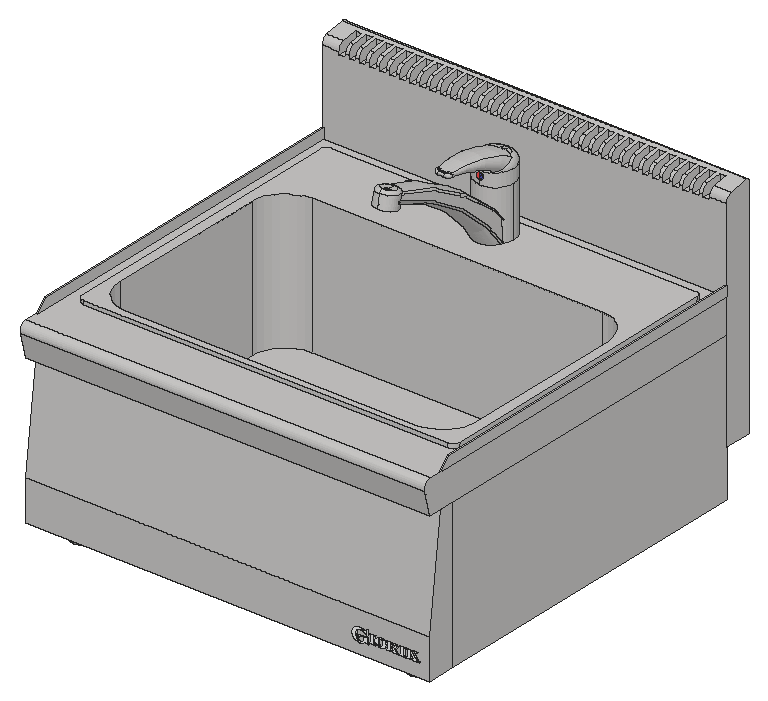
Revit family "QF_GIORIK_LEL6700", category Specialty Equipment, Revit 2014
Parameters (values of type "LEL6700")
  Weight in Pounds = 46.297
  Waste Water Discharge Temperature [instance] = 0 °C
  URL Cutsheet = "www.giorik.com"
  URL = "www.giorik.com"
  Status [instance] = ""
  Specification by User [instance] = ""
  Specification by Manufacturer = ""
  Show Logo [instance] = yes
  Show Clearance [instance] = yes
  Serial Number = ""
  Seismic Rating = ""
  SMACNA No = ""
  Revision Code [instance] = ""
  Plumbing Remarks [instance] = ""
  Plumbing Connection Type [instance] = ""
  NAFEM Spec ID Number = ""
  Model = "LEL6700"
  Masterspec = ""
  Manufacturer = "GIORIK"
  Item Number [instance] = ""
  Installed By [instance] = ""
  Indirect Waste Size = 1"
  Indirect Waste Flow = 0.0 L/s
  Indirect Waste Connection Type [instance] = ""
  Indirect Waste Connection Height [instance] = 20 mm
  Identify Quantity as Lot [instance] = no
  Furnished By [instance] = ""
  Foodservice Equipment Identifier [instance] = yes
  Description = "WASH BASIN"
  Cold Water Temperature Recommended = 0 °C
  Cold Water Size = 1/2"
  Cold Water RI Height [instance] = 45 mm
  Cold Water Minimum Pressure = 20000.0 Pa
  Cold Water Maximum Pressure = 50000.0 Pa
  Cold Water Flow [instance] = 0.0 L/s
  Cold Water Consumption [instance] = ""
  Cold Water Connection Height [instance] = 45 mm
  CSI MasterFormat = ""
  Assembly Code = "E1090320"
Reference planes
  plane 1 "Back": y = 0
  plane 2: z = 0
  plane 3 "Left": x = 0
  plane 4 "Right": x = 600
  plane 5 "Front": y = -600
  plane 6 "Top": z = 430
Forms (mm)
  Extrusion 1, solid
    sketch origin (0, 1000, -578.42) x (0, 1, 0) y (0, 0, 1)
      loop
        line (-1040.007, 869.975) -> (-1589.445, 869.975)
        arc (-1589.445, 869.975) -> (-1598.171, 865.672) -> (-1600.069, 856.13) r 10.999
        line (-1600.069, 856.13) -> (-1590.388, 820) -> (-1040.007, 820) -> (-1040.007, 869.975)
    from 0 to 600
  Extrusion 2, solid
    sketch origin (0, 0, -558.42) x (0, 1, 0) y (0, 0, 1)
      loop
        line (-570.06, 849.975) -> (-40.007, 849.975) -> (-40.007, 864.975) -> (-555.06, 864.975) -> (-570.06, 849.975)
    from 0 to 1.85
  Extrusion 3, solid
    sketch origin (0, 0, -558.42) x (0, 1, 0) y (0, 0, 1)
      loop
        line (-40.007, 800) -> (-550, 800) -> (-550, 580) -> (-40.007, 580) -> (-40.007, 800)
    from 0 to 600
  Extrusion 4, solid
    sketch origin (0, 0, -558.42) x (0, 1, 0) y (0, 0, 1)
      loop
        line (-550, 800) -> (-570.5, 800) -> (-590, 640) -> (-590, 580) -> (-550, 580) -> (-550, 800)
    from 0 to 600
  Extrusion 5, solid
    sketch origin (598.094, 0, -558.42) x (0, 1, 0) y (0, 0, 1)
      loop
        line (-570.06, 849.975) -> (-40.007, 849.975) -> (-40.007, 864.975) -> (-555.06, 864.975) -> (-570.06, 849.975)
    from -0.15 to 1.906
  Extrusion 6, solid
    sketch origin (0, 0, -558.42) x (0, 1, 0) y (0, 0, 1)
      loop
        line (-40.007, 974.217) -> (-40.007, 650.827) -> (0, 650.827) -> (0, 988.42)
        arc (0, 988.42) -> (-0.57, 989.648) -> (-1.878, 990) r 1.6
        line (-1.878, 990) -> (-31.072, 984.852)
        arc (-31.072, 984.852) -> (-37.477, 981.162) -> (-40.007, 974.217) r 10.797
    from 0 to 600
  Extrusion 7, solid
    sketch origin (103.319, 0, -561.02) x (1, 0, 0) y (0, 0, 1)
      loop
        circle (-38.319, 606) r 12.5
    from 20.007 to 40.007
  Extrusion 8, solid, visible <- "Show Logo"
    sketch origin (391.604, -590.5, -4.533) x (-1, 0, 0) y (0, 0, 1)
      loop
        line (-118.824, 58.358) -> (-127.804, 58.358) -> (-125.523, 56.445) -> (-125.523, 48.027) -> (-127.804, 46.113) -> (-118.824, 46.113) -> (-121.105, 48.027) -> (-121.105, 56.445) -> (-118.824, 58.358)
      loop
        line (-163.721, 58.358) -> (-172.7, 58.358) -> (-170.42, 56.445) -> (-170.42, 48.027) -> (-172.7, 46.113) -> (-163.721, 46.113) -> (-166.001, 48.027) -> (-166.001, 56.445) -> (-163.721, 58.358)
      loop
        line (-174.332, 58.358) -> (-183.312, 58.358) -> (-181.031, 56.445) -> (-181.031, 52.435) -> (-186.419, 56.955) -> (-184.416, 58.358) -> (-191.268, 58.358) -> (-188.01, 56.839) -> (-185.455, 54.283) -> (-190.846, 47.858) -> (-193.396, 46.93) -> (-193.396, 46.113) -> (-184.416, 46.113) -> (-185.437, 47.571) -> (-182.443, 51.552) -> (-181.031, 50.894) -> (-181.031, 48.027) -> (-183.312, 46.113) -> (-174.332, 46.113) -> (-176.613, 48.027) -> (-176.613, 56.445) -> (-174.332, 58.358)
      loop
        line (-115.429, 62.063) -> (-115.429, 54.198)
        arc (-115.429, 54.198) -> (-111.618, 57.803) -> (-106.847, 59.986) r 16.039
        arc (-106.847, 59.986) -> (-103.314, 59.837) -> (-100.512, 57.68) r 5.851
        arc (-100.512, 57.68) -> (-98.815, 52.267) -> (-100.512, 46.853) r 9.479
        arc (-100.512, 46.853) -> (-102.406, 44.986) -> (-104.846, 43.93) r 7.236
        arc (-104.846, 43.93) -> (-107.728, 44.111) -> (-110.052, 45.825) r 5.11
        line (-110.052, 45.825) -> (-110.052, 52.001) -> (-116.141, 52.001) -> (-116.141, 45.503) -> (-117.893, 43.751) -> (-114.094, 44.769)
        arc (-114.094, 44.769) -> (-112.56, 44.947) -> (-111.129, 44.366) r 3.115
        arc (-111.129, 44.366) -> (-104.216, 42.091) -> (-97.303, 44.366) r 11.641
        arc (-97.303, 44.366) -> (-93.396, 52.107) -> (-97.303, 59.849) r 9.622
        arc (-97.303, 59.849) -> (-104.369, 62.174) -> (-111.435, 59.849) r 11.898
        line (-111.435, 59.849) -> (-115.429, 62.063)
      loop
        arc (-129.234, 56.068) -> (-135.893, 58.628) -> (-142.552, 56.068) r 9.941
        arc (-142.552, 56.068) -> (-144.234, 52.286) -> (-142.552, 48.505) r 5.093
        arc (-142.552, 48.505) -> (-135.893, 45.945) -> (-129.234, 48.505) r 9.941
        arc (-129.234, 48.505) -> (-127.552, 52.286) -> (-129.234, 56.068) r 5.093
      loop
        arc (-132.628, 54.403) -> (-135.893, 57.668) -> (-139.158, 54.403) r 3.265
        line (-139.158, 54.403) -> (-139.158, 50.169)
        arc (-139.158, 50.169) -> (-135.893, 46.904) -> (-132.628, 50.169) r 3.265
        line (-132.628, 50.169) -> (-132.628, 54.403)
      loop
        arc (-156.363, 58.365) -> (-159.647, 55.081) -> (-156.363, 51.796) r 3.285
        line (-156.363, 51.796) -> (-159.529, 47.306) -> (-162.087, 46.113) -> (-155.847, 46.113) -> (-153.529, 51.083) -> (-150.637, 51.083) -> (-150.637, 47.784) -> (-153.022, 46.113) -> (-144.011, 46.113) -> (-146.094, 47.68) -> (-146.094, 56.493) -> (-144.229, 58.365) -> (-156.363, 58.365)
      loop
        line (-150.637, 57.512) -> (-153.637, 57.512)
        arc (-153.637, 57.512) -> (-156.237, 54.912) -> (-153.637, 52.312) r 2.6
        line (-153.637, 52.312) -> (-150.637, 52.312) -> (-150.637, 57.512)
      loop
        line (-108.924, 52.001) -> (-104.936, 49.005) -> (-100.948, 52.001) -> (-108.924, 52.001)
    from 1.5 to -0.5
  Extrusion 9, void
    sketch origin (10, 0, 431.58) x (0, 1, 0) y (-1, 0, 0)
      loop
        line (-40.007, -25) -> (-9.931, -25) -> (-9.931, -15) -> (-40.007, -15) -> (-40.007, -25)
      loop
        line (-40.007, -40) -> (-9.931, -40) -> (-9.931, -30) -> (-40.007, -30) -> (-40.007, -40)
      loop
        line (-40.007, -55) -> (-9.931, -55) -> (-9.931, -45) -> (-40.007, -45) -> (-40.007, -55)
      loop
        line (-40.007, -70) -> (-9.931, -70) -> (-9.931, -60) -> (-40.007, -60) -> (-40.007, -70)
      loop
        line (-40.007, -85) -> (-9.931, -85) -> (-9.931, -75) -> (-40.007, -75) -> (-40.007, -85)
      loop
        line (-40.007, -100) -> (-9.931, -100) -> (-9.931, -90) -> (-40.007, -90) -> (-40.007, -100)
      loop
        line (-40.007, -115) -> (-9.931, -115) -> (-9.931, -105) -> (-40.007, -105) -> (-40.007, -115)
      loop
        line (-40.007, -130) -> (-9.931, -130) -> (-9.931, -120) -> (-40.007, -120) -> (-40.007, -130)
      loop
        line (-40.007, -145) -> (-9.931, -145) -> (-9.931, -135) -> (-40.007, -135) -> (-40.007, -145)
      loop
        line (-40.007, -160) -> (-9.931, -160) -> (-9.931, -150) -> (-40.007, -150) -> (-40.007, -160)
      loop
        line (-40.007, -175) -> (-9.931, -175) -> (-9.931, -165) -> (-40.007, -165) -> (-40.007, -175)
      loop
        line (-40.007, -190) -> (-9.931, -190) -> (-9.931, -180) -> (-40.007, -180) -> (-40.007, -190)
      loop
        line (-40.007, -205) -> (-9.931, -205) -> (-9.931, -195) -> (-40.007, -195) -> (-40.007, -205)
      loop
        line (-40.007, -220) -> (-9.931, -220) -> (-9.931, -210) -> (-40.007, -210) -> (-40.007, -220)
      loop
        line (-40.007, -235) -> (-9.931, -235) -> (-9.931, -225) -> (-40.007, -225) -> (-40.007, -235)
      loop
        line (-40.007, -250) -> (-9.931, -250) -> (-9.931, -240) -> (-40.007, -240) -> (-40.007, -250)
      loop
        line (-40.007, -265) -> (-9.931, -265) -> (-9.931, -255) -> (-40.007, -255) -> (-40.007, -265)
      loop
        line (-40.007, -280) -> (-9.931, -280) -> (-9.931, -270) -> (-40.007, -270) -> (-40.007, -280)
      loop
        line (-40.007, -295) -> (-9.931, -295) -> (-9.931, -285) -> (-40.007, -285) -> (-40.007, -295)
      loop
        line (-40.007, -310) -> (-9.931, -310) -> (-9.931, -300) -> (-40.007, -300) -> (-40.007, -310)
      loop
        line (-40.007, -325) -> (-9.931, -325) -> (-9.931, -315) -> (-40.007, -315) -> (-40.007, -325)
      loop
        line (-40.007, -340) -> (-9.931, -340) -> (-9.931, -330) -> (-40.007, -330) -> (-40.007, -340)
      loop
        line (-40.007, -355) -> (-9.931, -355) -> (-9.931, -345) -> (-40.007, -345) -> (-40.007, -355)
      loop
        line (-40.007, -370) -> (-9.931, -370) -> (-9.931, -360) -> (-40.007, -360) -> (-40.007, -370)
      loop
        line (-40.007, -385) -> (-9.931, -385) -> (-9.931, -375) -> (-40.007, -375) -> (-40.007, -385)
      loop
        line (-40.007, -400) -> (-9.931, -400) -> (-9.931, -390) -> (-40.007, -390) -> (-40.007, -400)
      loop
        line (-40.007, -415) -> (-9.931, -415) -> (-9.931, -405) -> (-40.007, -405) -> (-40.007, -415)
      loop
        line (-40.007, -430) -> (-9.931, -430) -> (-9.931, -420) -> (-40.007, -420) -> (-40.007, -430)
      loop
        line (-40.007, -445) -> (-9.931, -445) -> (-9.931, -435) -> (-40.007, -435) -> (-40.007, -445)
      loop
        line (-40.007, -460) -> (-9.931, -460) -> (-9.931, -450) -> (-40.007, -450) -> (-40.007, -460)
      loop
        line (-40.007, -475) -> (-9.931, -475) -> (-9.931, -465) -> (-40.007, -465) -> (-40.007, -475)
      loop
        line (-40.007, -490) -> (-9.931, -490) -> (-9.931, -480) -> (-40.007, -480) -> (-40.007, -490)
      loop
        line (-40.007, -505) -> (-9.931, -505) -> (-9.931, -495) -> (-40.007, -495) -> (-40.007, -505)
      loop
        line (-40.007, -520) -> (-9.931, -520) -> (-9.931, -510) -> (-40.007, -510) -> (-40.007, -520)
      loop
        line (-40.007, -535) -> (-9.931, -535) -> (-9.931, -525) -> (-40.007, -525) -> (-40.007, -535)
      loop
        line (-40.007, -550) -> (-9.931, -550) -> (-9.931, -540) -> (-40.007, -540) -> (-40.007, -550)
      loop
        line (-40.007, -565) -> (-9.931, -565) -> (-9.931, -555) -> (-40.007, -555) -> (-40.007, -565)
    from 0 to -20
  Extrusion 10, solid
    sketch origin (566.603, 14.286, -28.42) x (0, 1, 0) y (-1, 0, 0)
      loop
        circle (-79.293, 516.603) r 5
    from 40.385 to 50
  Revolve 11, solid
    sketch origin (50, 18.936, -600) x (0, 1, 0) y (0, 0, 1)
      loop
        line (-83.943, 611.965) -> (-94.752, 611.965) -> (-97.943, 600) -> (-83.943, 600) -> (-83.943, 611.965)
      axis (-83.943, 611.965) -> (-83.943, 600)
    angle from 0 to 360
  Extrusion 12, solid
    sketch origin (33.397, 14.286, -28.42) x (0, 1, 0) y (-1, 0, 0)
      loop
        circle (-79.293, -516.603) r 5
    from 40.385 to 50
  Revolve 13, solid
    sketch origin (550, 18.936, -600) x (0, 1, 0) y (0, 0, -1)
      loop
        line (-83.943, -611.965) -> (-83.943, -600) -> (-97.943, -600) -> (-94.752, -611.965) -> (-83.943, -611.965)
      axis (-83.943, -611.965) -> (-83.943, -600)
    angle from 0 to 360
  Extrusion 14, solid
    sketch origin (566.603, -469.707, -30) x (0, 1, 0) y (-1, 0, 0)
      loop
        circle (-79.293, 516.603) r 5
    from 41.965 to 51.58
  Revolve 15, solid
    sketch origin (50, -465.057, -600) x (0, 1, 0) y (0, 0, 1)
      loop
        line (-83.943, 611.965) -> (-94.752, 611.965) -> (-97.943, 600) -> (-83.943, 600) -> (-83.943, 611.965)
      axis (-83.943, 611.965) -> (-83.943, 600)
    angle from 0 to 360
  Extrusion 16, solid
    sketch origin (33.397, -469.707, -30) x (0, 1, 0) y (-1, 0, 0)
      loop
        circle (-79.293, -516.603) r 5
    from 41.965 to 51.58
  Revolve 17, solid
    sketch origin (550, -465.057, -600) x (0, 1, 0) y (0, 0, -1)
      loop
        line (-83.943, -611.965) -> (-83.943, -600) -> (-97.943, -600) -> (-94.752, -611.965) -> (-83.943, -611.965)
      axis (-83.943, -611.965) -> (-83.943, -600)
    angle from 0 to 360
  Extrusion 18, solid
    sketch origin (0, 5, 242) x (0, 1, 0) y (-1, 0, 0)
      loop
        arc (-65, -30) -> (-67.929, -22.929) -> (-75, -20) r 10
        line (-75, -20) -> (-515, -20)
        arc (-515, -20) -> (-522.071, -22.929) -> (-525, -30) r 10
        line (-525, -30) -> (-525, -570)
        arc (-525, -570) -> (-522.071, -577.071) -> (-515, -580) r 10
        line (-515, -580) -> (-75, -580)
        arc (-75, -580) -> (-67.929, -577.071) -> (-65, -570) r 10
        line (-65, -570) -> (-65, -30)
      loop
        arc (-220.642, -565) -> (-185.287, -550.355) -> (-170.642, -515) r 50
        line (-170.642, -515) -> (-170.642, -85)
        arc (-170.642, -85) -> (-185.287, -49.645) -> (-220.642, -35) r 50
        line (-220.642, -35) -> (-465, -35)
        arc (-465, -35) -> (-500.355, -49.645) -> (-515, -85) r 50
        line (-515, -85) -> (-515, -515)
        arc (-515, -515) -> (-500.355, -550.355) -> (-465, -565) r 50
        line (-465, -565) -> (-220.642, -565)
    from -150 to 55
  Extrusion 19, void
    sketch origin (0, 0, 430) x (0, 1, 0) y (-1, 0, 0)
      loop
        arc (-160, -80) -> (-174.645, -44.645) -> (-210, -30) r 50
        line (-210, -30) -> (-463.962, -30)
        arc (-463.962, -30) -> (-499.317, -44.645) -> (-513.962, -80) r 50
        line (-513.962, -80) -> (-513.962, -520)
        arc (-513.962, -520) -> (-499.317, -555.355) -> (-463.962, -570) r 50
        line (-463.962, -570) -> (-210, -570)
        arc (-210, -570) -> (-174.645, -555.355) -> (-160, -520) r 50
        line (-160, -520) -> (-160, -80)
    from -97.843 to -338
  Revolve 20, solid
    sketch origin (300, -66.264, 290.52) x (0, 1, 0) y (0, 0, 1)
      loop
        arc (-0.775, 100.356) -> (-3.223, 107.62) -> (-9.568, 111.92) r 12
        arc (-9.568, 111.92) -> (-19.06, 114.249) -> (-28.775, 115.307) r 74.007
        line (-28.775, 115.307) -> (-28.775, 81) -> (-0.775, 81) -> (-0.775, 100.356)
      axis (-28.775, 81) -> (-28.775, 115.307)
    angle from 0 to 360
  Revolve 21, solid
    sketch origin (300, -66.964, 301.556) x (0, 1, 0) y (0, 0, 1)
      loop
        line (-56.867, 81.924) -> (-55.237, 81.924) -> (-55.237, 86.465) -> (-56.237, 86.465)
        arc (-56.237, 86.465) -> (-56.683, 84.212) -> (-56.867, 81.924) r 20
      axis (-55.237, 81.924) -> (-56.867, 81.924)
    angle from 0 to 180
  Revolve 22, solid
    sketch origin (300, -66.964, 301.556) x (0, 1, 0) y (0, 0, -1)
      loop
        arc (-56.867, -81.924) -> (-56.683, -84.212) -> (-56.237, -86.465) r 20
        line (-56.237, -86.465) -> (-55.237, -86.465) -> (-55.237, -81.924) -> (-56.867, -81.924)
      axis (-55.237, -81.924) -> (-56.867, -81.924)
    angle from 0 to 180
  SweptBlend 23, solid
    path origin (300, 276.234, -152.982) x (0, 0.34202, 0.939693) y (0, 0.939693, -0.34202)
      loop
        arc (262.005, -509.876) -> (286.001, -611.264) -> (273.872, -714.745) r 300
    profile origin (300, -113.282, 267.611) x (0, 0.686011, 0.727591) y (-1, 0, 0)
      loop
        arc (18.189, 23.734) -> (4.053, 0.002) -> (18.177, -23.737) r 27
        arc (18.177, -23.737) -> (18.869, -24.008) -> (19.607, -24.1) r 3
        line (19.607, -24.1) -> (41.199, -24.1)
        arc (41.199, -24.1) -> (43.098, -23.423) -> (44.139, -21.697) r 3
        arc (44.139, -21.697) -> (46.321, 0) -> (44.139, 21.697) r 109
        arc (44.139, 21.697) -> (43.098, 23.423) -> (41.199, 24.1) r 3
        line (41.199, 24.1) -> (19.634, 24.1)
        arc (19.634, 24.1) -> (18.889, 24.007) -> (18.189, 23.734) r 3.033
    end profile origin (300, -301.737, 348.831) x (0, 0.057828, 0.998327) y (-1, 0, 0)
      loop
        line (90.369, 14.288) -> (81.962, 15.536)
        arc (81.962, 15.536) -> (79.562, 14.84) -> (78.521, 12.569) r 3
        arc (78.521, 12.569) -> (76.714, 0.005) -> (78.521, -12.559) r 44.57
        arc (78.521, -12.559) -> (79.561, -14.83) -> (81.959, -15.527) r 3
        line (81.959, -15.527) -> (90.366, -14.287)
        arc (90.366, -14.287) -> (91.945, -13.541) -> (92.84, -12.042) r 3
        arc (92.84, -12.042) -> (94.312, 0.001) -> (92.84, 12.044) r 50
        arc (92.84, 12.044) -> (91.945, 13.542) -> (90.369, 14.288) r 3
  Revolve 24, solid
    sketch origin (300, -66.05, 291.556) x (0, 1, 0) y (0, 0, 1)
      loop
        arc (-226.022, 150.06) -> (-231.288, 151.474) -> (-236.573, 152.815) r 397.143
        arc (-236.573, 152.815) -> (-239.983, 152.444) -> (-242.352, 149.962) r 5
        line (-242.352, 149.962) -> (-246.868, 131.271) -> (-231.308, 127.101) -> (-226.022, 150.06)
      axis (-225.951, 150.37) -> (-231.308, 127.101)
    angle from 0 to 360
  SweptBlend 25, solid
    path origin (300.001, 399.901, 202.551) x (0, 0.990268, -0.139173) y (0, 0.139173, 0.990268)
      loop
        arc (-504.379, 132.129) -> (-559.05, 139.793) -> (-613.721, 132.129) r 198.829
    profile origin (300.001, -81.181, 403.59) x (0, -0.406096, -0.91383) y (1, 0, 0)
      loop
        arc (5.051, -21) -> (16.621, -25.211) -> (28.191, -21) r 18
        arc (28.191, -21) -> (26.585, 0) -> (28.191, 21) r 138.157
        arc (28.191, 21) -> (16.621, 26.76) -> (5.051, 21) r 14.5
        spline (5.051, 21) -> (3.528, 17.704) -> (2.269, 14.297) -> (1.281, 10.802) -> (0.571, 7.239) -> (0.143, 3.631) -> (0, 0) -> (0.143, -3.631) -> (0.571, -7.239) -> (1.281, -10.802) -> (2.269, -14.297) -> (3.528, -17.704) -> (5.051, -21)
    end profile origin (300.001, -189.458, 418.807) x (0, 0.138479, -0.990365) y (1, 0, 0)
      loop
        line (4.982, -10) -> (4.982, 10)
        arc (4.982, 10) -> (2.491, 11.945) -> (0, 10) r 2.568
        line (0, 10) -> (0, -10)
        arc (0, -10) -> (2.491, -11.945) -> (4.982, -10) r 2.568
  Sweep 26, solid
    path origin (361.147, -90.103, 421.389) x (1, 0, 0) y (0, 0.998693, 0.051111)
      loop
        arc (-70.611, -98.059) -> (-68.909, -101.045) -> (-65.681, -102.227) r 5
        line (-65.681, -102.227) -> (-56.611, -102.227)
        arc (-56.611, -102.227) -> (-53.383, -101.045) -> (-51.681, -98.059) r 5
    profile origin (300.001, -192.196, 416.164) x (0, 0.998693, 0.051111) y (0, -0.051111, 0.998693)
      loop
        line (0, -2.5) -> (0, 2.5)
        arc (0, 2.5) -> (-2.5, 0) -> (0, -2.5) r 2.5
  Extrusion 27, solid
    sketch origin (615.231, 227.513, 342.698) x (1, 0, 0) y (0, 0.998693, 0.051111)
      loop
        arc (-324.695, -411.238) -> (-322.992, -414.224) -> (-319.764, -415.406) r 5
        line (-319.764, -415.406) -> (-310.695, -415.406)
        arc (-310.695, -415.406) -> (-307.467, -414.224) -> (-305.764, -411.238) r 5
        line (-305.764, -411.238) -> (-324.695, -411.238)
    from 92.321 to 97.321
  Extrusion 28, solid
    sketch origin (0, 73.817, 430) x (0, 1, 0) y (-1, 0, 0)
      loop
        circle (-168.856, -300) r 28
    from -138.444 to -58.48
  Extrusion 29, solid
    sketch origin (0, 0, 429) x (0, 1, 0) y (-1, 0, 0)
      loop
        circle (-251.89, -300) r 20
    from -336 to -338
  Extrusion 30, solid
    sketch origin (0, 0, 430) x (0, 1, 0) y (-1, 0, 0)
      loop
        circle (-60, -300) r 12.5
    from -423.694 to -408.42
Cuts and joins
  Extrusion 9 cuts Extrusion 6
  Extrusion 19 cuts Extrusion 1
  Extrusion 19 cuts Extrusion 3
Lines and regions (mm)
  symbolic lines, style "200-EquipInternal-2D"
    curve 1: line (25, -9.931, 290) -> (25, -40.007, 290)
    curve 2: line (35, -40.007, 290) -> (35, -9.931, 290)
    curve 3: line (40, -9.931, 290) -> (40, -40.007, 290)
    curve 4: line (50, -40.007, 290) -> (50, -9.931, 290)
    curve 5: line (55, -9.931, 290) -> (55, -40.007, 290)
    curve 6: line (65, -40.007, 290) -> (65, -9.931, 290)
    curve 7: line (85, -9.931, 290) -> (85, -40.007, 290)
    curve 8: line (95, -40.007, 290) -> (95, -9.931, 290)
    curve 9: line (100, -9.931, 290) -> (100, -40.007, 290)
    curve 10: line (110, -40.007, 290) -> (110, -9.931, 290)
    curve 11: line (140, -40.007, 290) -> (140, -9.931, 290)
    curve 12: line (130, -9.931, 290) -> (130, -40.007, 290)
    curve 13: line (155, -40.007, 290) -> (155, -9.931, 290)
    curve 14: line (160, -9.931, 290) -> (160, -40.007, 290)
    curve 15: line (170, -40.007, 290) -> (170, -9.931, 290)
    curve 16: line (145, -9.931, 290) -> (145, -40.007, 290)
    curve 17: line (200, -40.007, 290) -> (200, -9.931, 290)
    curve 18: line (190, -9.931, 290) -> (190, -40.007, 290)
    curve 19: line (205, -9.931, 290) -> (205, -40.007, 290)
    curve 20: line (215, -40.007, 290) -> (215, -9.931, 290)
    curve 21: line (220, -9.931, 290) -> (220, -40.007, 290)
    curve 22: line (230, -40.007, 290) -> (230, -9.931, 290)
    curve 23: line (250, -9.931, 290) -> (250, -40.007, 290)
    curve 24: line (260, -40.007, 290) -> (260, -9.931, 290)
    curve 25: line (265, -9.931, 290) -> (265, -40.007, 290)
    curve 26: line (275, -40.007, 290) -> (275, -9.931, 290)
    curve 27: line (280, -9.931, 290) -> (280, -40.007, 290)
    curve 28: line (290, -40.007, 290) -> (290, -9.931, 290)
    curve 29: line (320, -40.007, 290) -> (320, -9.931, 290)
    curve 30: line (310, -9.931, 290) -> (310, -40.007, 290)
    curve 31: line (335, -40.007, 290) -> (335, -9.931, 290)
    curve 32: line (325, -9.931, 290) -> (325, -40.007, 290)
    curve 33: line (340, -9.931, 290) -> (340, -40.007, 290)
    curve 34: line (350, -40.007, 290) -> (350, -9.931, 290)
    curve 35: line (370, -9.931, 290) -> (370, -40.007, 290)
    curve 36: line (380, -40.007, 290) -> (380, -9.931, 290)
    curve 37: line (385, -9.931, 290) -> (385, -40.007, 290)
    curve 38: line (395, -9.931, 290) -> (385, -9.931, 290)
    curve 39: line (380, -9.931, 290) -> (370, -9.931, 290)
    curve 40: line (350, -9.931, 290) -> (340, -9.931, 290)
    curve 41: line (335, -9.931, 290) -> (325, -9.931, 290)
    curve 42: line (320, -9.931, 290) -> (310, -9.931, 290)
    curve 43: line (275, -9.931, 290) -> (265, -9.931, 290)
    curve 44: line (110, -9.931, 290) -> (100, -9.931, 290)
    curve 45: line (95, -9.931, 290) -> (85, -9.931, 290)
    curve 46: line (65, -9.931, 290) -> (55, -9.931, 290)
    curve 47: line (35, -9.931, 290) -> (25, -9.931, 290)
    curve 48: line (140, -9.931, 290) -> (130, -9.931, 290)
    curve 49: line (155, -9.931, 290) -> (145, -9.931, 290)
    curve 50: line (170, -9.931, 290) -> (160, -9.931, 290)
    curve 51: line (200, -9.931, 290) -> (190, -9.931, 290)
    curve 52: line (215, -9.931, 290) -> (205, -9.931, 290)
    curve 53: line (230, -9.931, 290) -> (220, -9.931, 290)
    curve 54: line (260, -9.931, 290) -> (250, -9.931, 290)
    curve 55: line (50, -9.931, 290) -> (40, -9.931, 290)
    curve 56: line (70, -9.931, 430) -> (70, -40.007, 430)
    curve 57: line (80, -40.007, 430) -> (80, -9.931, 430)
    curve 58: line (80, -9.931, 430) -> (70, -9.931, 430)
    curve 59: line (175, -9.931, 430) -> (175, -40.007, 430)
    curve 60: line (185, -40.007, 430) -> (185, -9.931, 430)
    curve 61: line (185, -9.931, 430) -> (175, -9.931, 430)
    curve 62: line (235, -9.931, 430) -> (235, -40.007, 430)
    curve 63: line (245, -40.007, 430) -> (245, -9.931, 430)
    curve 64: line (245, -9.931, 430) -> (235, -9.931, 430)
    curve 65: line (290, -9.931, 430) -> (280, -9.931, 430)
    curve 66: line (305, -9.931, 430) -> (295, -9.931, 430)
    curve 67: line (295, -9.931, 430) -> (295, -40.007, 430)
    curve 68: line (305, -40.007, 430) -> (305, -9.931, 430)
    curve 69: line (355, -9.931, 430) -> (355, -40.007, 430)
    curve 70: line (365, -40.007, 430) -> (365, -9.931, 430)
    curve 71: line (365, -9.931, 430) -> (355, -9.931, 430)
    curve 72: line (395, -40.007, 430) -> (395, -9.931, 430)
    curve 73: line (400, -9.931, 430) -> (400, -40.007, 430)
    curve 74: line (410, -40.007, 430) -> (410, -9.931, 430)
    curve 75: line (410, -9.931, 430) -> (400, -9.931, 430)
    curve 76: line (425, -9.931, 430) -> (415, -9.931, 430)
    curve 77: line (415, -9.931, 430) -> (415, -40.007, 430)
    curve 78: line (425, -40.007, 430) -> (425, -9.931, 430)
    curve 79: line (430, -9.931, 430) -> (430, -40.007, 430)
    curve 80: line (440, -40.007, 430) -> (440, -9.931, 430)
    curve 81: line (440, -9.931, 430) -> (430, -9.931, 430)
    curve 82: line (445, -9.931, 430) -> (445, -40.007, 430)
    curve 83: line (455, -40.007, 430) -> (455, -9.931, 430)
    curve 84: line (460, -9.931, 430) -> (460, -40.007, 430)
    curve 85: line (470, -40.007, 430) -> (470, -9.931, 430)
    curve 86: line (475, -9.931, 430) -> (475, -40.007, 430)
    curve 87: line (485, -40.007, 430) -> (485, -9.931, 430)
    curve 88: line (490, -9.931, 430) -> (490, -40.007, 430)
    curve 89: line (500, -40.007, 430) -> (500, -9.931, 430)
    curve 90: line (505, -9.931, 430) -> (505, -40.007, 430)
    curve 91: line (515, -40.007, 430) -> (515, -9.931, 430)
    curve 92: line (520, -9.931, 430) -> (520, -40.007, 430)
    curve 93: line (530, -40.007, 430) -> (530, -9.931, 430)
    curve 94: line (535, -9.931, 430) -> (535, -40.007, 430)
    curve 95: line (545, -40.007, 430) -> (545, -9.931, 430)
    curve 96: line (550, -9.931, 430) -> (550, -40.007, 430)
    curve 97: line (560, -40.007, 430) -> (560, -9.931, 430)
    curve 98: line (565, -9.931, 430) -> (565, -40.007, 430)
    curve 99: line (455, -9.931, 430) -> (445, -9.931, 430)
    curve 100: line (470, -9.931, 430) -> (460, -9.931, 430)
    curve 101: line (485, -9.931, 430) -> (475, -9.931, 430)
    curve 102: line (500, -9.931, 430) -> (490, -9.931, 430)
    curve 103: line (515, -9.931, 430) -> (505, -9.931, 430)
    curve 104: line (530, -9.931, 430) -> (520, -9.931, 430)
    curve 105: line (545, -9.931, 430) -> (535, -9.931, 430)
    curve 106: line (560, -9.931, 430) -> (550, -9.931, 430)
    curve 107: line (575, -9.931, 430) -> (565, -9.931, 430)
    curve 108: line (575, -40.007, 430) -> (575, -9.931, 430)
    curve 109: line (125, -9.931, 430) -> (115, -9.931, 430)
    curve 110: line (115, -9.931, 430) -> (115, -40.007, 430)
    curve 111: line (125, -40.007, 430) -> (125, -9.931, 430)
    curve 116: line (597.944, -570.06, 430) -> (600, -570.06, 430)
    curve 117: line (597.944, -40.007, 430) -> (597.944, -570.06, 430)
    curve 118: line (570, -60, 430) -> (30, -60, 430)
    curve 119: arc (580, -70, 430) -> (577.071, -62.929, 430) -> (570, -60, 430) r 10
    curve 120: line (580, -510, 430) -> (580, -70, 430)
    curve 121: line (20, -70, 430) -> (20, -510, 430)
    curve 122: arc (30, -60, 430) -> (22.929, -62.929, 430) -> (20, -70, 430) r 10
    curve 123: arc (20, -510, 430) -> (22.929, -517.071, 430) -> (30, -520, 430) r 10
    curve 124: line (30, -520, 430) -> (570, -520, 430)
    curve 125: arc (570, -520, 430) -> (577.071, -517.071, 430) -> (580, -510, 430) r 10
    curve 126: line (0, -570.06, 430) -> (1.85, -570.06, 430)
    curve 127: line (1.85, -570.06, 430) -> (1.85, -40.007, 430)
    curve 128: line (1.85, -40.007, 430) -> (597.944, -40.007, 430)
    curve 129: arc (283.783, -292.945, 430) -> (297.938, -308.396, 430) -> (315.523, -296.998, 430) r 16.223
    curve 130: line (315.523, -296.998, 430) -> (323.496, -110.349, 430)
    curve 131: line (276.556, -110.349, 430) -> (283.783, -292.945, 430)
    curve 132: arc (276.556, -110.349, 430) -> (300.026, -67.073, 430) -> (323.496, -110.349, 430) r 28.002
    curve 133: line (565, -215.642, 430) -> (565, -460, 430)
    curve 134: arc (515, -165.642, 430) -> (550.355, -180.287, 430) -> (565, -215.642, 430) r 50
    curve 135: arc (565, -460, 430) -> (550.355, -495.355, 430) -> (515, -510, 430) r 50
    curve 136: line (515, -510, 430) -> (85, -510, 430)
    curve 137: arc (85, -510, 430) -> (49.645, -495.355, 430) -> (35, -460, 430) r 50
    curve 138: line (35, -460, 430) -> (35, -215.642, 430)
    curve 139: arc (35, -215.642, 430) -> (49.645, -180.287, 430) -> (85, -165.642, 430) r 50
    curve 140: line (85, -165.642, 430) -> (278.745, -165.642, 430)
    curve 141: line (515, -165.642, 430) -> (321.134, -165.642, 430)
    curve 142: arc (281.827, -243.538, 430) -> (280.016, -252.681, 430) -> (282.544, -261.652, 430) r 20
    curve 143: arc (317.836, -242.841, 430) -> (319.982, -252.743, 430) -> (316.999, -262.426, 430) r 20
  symbolic lines, style "200-EquipBorder-2D"
    curve 112: line (600, 0, 430) -> (0, 0, 430)
    curve 113: line (600, -600, 430) -> (600, 0, 430)
    curve 114: line (0, 0, 430) -> (0, -600, 430)
    curve 115: line (0, -600, 430) -> (600, -600, 430)
Dimensions and locks
  plane 3 "Left" to plane 4 "Right" = 600 mm
  plane 5 "Front" to plane 1 "Back" = 600 mm
  locked: plane 4 "Right" to plane 3 "Left" at 600
  plane 1 "Back" to plane 5 "Front" = 600 mm
  plane 6 "Top" to level = 430 mm  (x2)
  aligned and locked: level to plane 2
Connectors
  piping at (300, -60, 6.306), diameter 25.4, driven by "Indirect Waste Size", driven by "Indirect Waste Flow"
    settings: on Extrusion 30, index 1, connector inside diameter 24", connector length 0 mm, flow factor 0, pipe flow 0.0 L/s, pressure drop 0.0 Pa, fitting loss kfactor 0, connector angle 0.00°, fixture units 0, engagement length 0 mm, angle of deflection 0.00°, flow configuration 1, flow direction 2, fitting loss method 0, system type 16, joint type 0, gender type 0, connector reference index -1, connector utility 0, adjustable connector no, is connector primary yes, connector description "Drain connection"
  piping at (65, -20.007, 44.98), diameter 12.7, driven by "Cold Water Size", driven by "Cold Water Flow"
    settings: on Extrusion 7, index 2, connector inside diameter 24", connector length 0 mm, flow factor 0, pipe flow 0.0 L/s, pressure drop 0.0 Pa, fitting loss kfactor 0, connector angle 0.00°, fixture units 0, engagement length 0 mm, angle of deflection 0.00°, flow configuration 1, flow direction 1, fitting loss method 0, system type 20, joint type 0, gender type 0, connector reference index -1, connector utility 0, adjustable connector no, is connector primary no, connector description "Water inlet"
